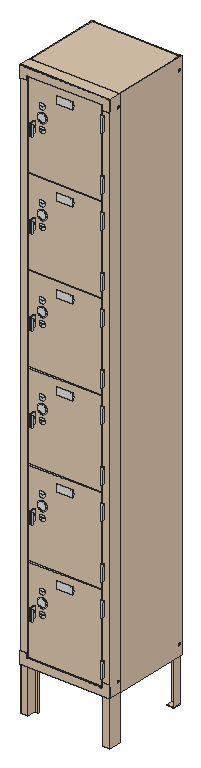
Revit family "Metal_Vented_Lockers-Salsbury_Industries-75000_76000_Series-1_Wide_Units", category Specialty Equipment, Revit 2024
Family settings
  Round Connector Dimension = Use Diameter
  Part Type = Normal
  OmniClass Number = 23.40.00.00
  OmniClass Title = Equipment and Furnishings
  Work Plane-Based = No
  Enable Cutting in Views = No
  Always vertical = Yes
  Cut with Voids When Loaded = No
  Maintain Annotation Orientation = No
  Shared = No
  Room Calculation Point = No
Parameters (values of type "76162 - with Standard 6" High Legs")
  Zee Base Corner - Right Side [instance] = Metal Locker Zee Base Corner : None
  Zee Base Corner - Left Side [instance] = Metal Locker Zee Base Corner : None
  Zee Base - Right Side [instance] = Metal Locker Zee Base-Right Side : None
  Zee Base - Left Side [instance] = Metal Locker Zee Base-Left Side : None
  Zee Base = Metal Locker Zee Base : None
  Width = 12.040"
  Version = "2.0 (01/30/18)"
  Vent Offset = if(Depth = 12.010", 3.250", if(Depth = 15.010", 3.500", if(Depth = 18.010", 3.750", 0.000")))  # 3.250"
  Vent Configuration Height = Vents : 6 foot high vents
  Vent Array Spacing = 1.187"
  Vent Array 2 = if(Depth = 12.010", 5, if(Depth = 15.010", 7, if(Depth = 18.010", 9, 0)))  # 5
  Vent Array 1 = Vent Array 2 + 1  # 6
  Unit Height including Sloping Hood Only [instance] = 78.625"
  Unit Height = 72.000"
  URL = "www.lockers.com"
  Type Comments = "12\" Wide Vented Metal Locker - Box Style Six Tier"
  Total Door(s) Height [instance] = 69.81949"
  Top Door = yes
  Top Compartment Divider = yes
  Test Data = "https://www.lockers.com/videolibrary/"
  Specification = "https://www.lockers.com/architect-resources//"
  Sloping Top In-Line Filler - Right Side [instance] = Metal Locker Sloping Top Filler : None
  Sloping Top In-Line Filler - Left Side [instance] = Metal Locker Sloping Top Filler : None
  Sloping Top Corner Filler - Right Side [instance] = Metal Locker Sloping Corner Filler : None
  Sloping Top Corner Filler - Left Side [instance] = Metal Locker Sloping Corner Filler : None
  Sloping Hood Height = if(Depth = 12.010", 6.625", if(Depth = 15.010", 8.682", if(Depth = 18.010", 10.739", 0.000")))  # 6.625"
  Sloping Hood [instance] = Metal Locker Sloping Hood : None
  Sales Information = "https://www.lockers.com/request_a_quote/"
  Right Side Base [instance] = Metal Locker Right Side Base : None
  Revision = "R1_2018-10"
  Product Data = "https://www.lockers.com/downloads__catalog/"
  Primary Structure Material [instance] = Steel - Salsbury Finish = Tan
  Overall Width including Rivets [instance] = 12.120"
  Unit Height including Base Only [instance] = 78.000"
  Overall Unit Height (including Base and Sloping Hood) [instance] = 84.625"
  OmniClass 23 Title = "Equipment and Furnishings"
  OmniClass 23 Number = "23.40.00.00"
  Model = "76162"
  MasterFormat Title = "Lockers"
  MasterFormat Number = "10 51 13"
  Manufacturer Website = "https://www.lockers.com/"
  Manufacturer Phone - Toll Free = "1-800-562-5377"
  Manufacturer Phone = "(323) 846-6700"
  Manufacturer Fax = "1-800-562-5399"
  Manufacturer Address = "1010 East 62nd Street, Los Angeles, CA 90001-1598"
  Manufacturer = "Salsbury Industries"
  Left Side Base [instance] = Metal Locker Left Side Base : None
  Keynote = "10 51 00"
  Installation-Fabrication = "https://www.lockers.com/downloads__installation_instructions/"
  Individual Door Height = 11.534"
  Hasp Plate Rivet Material = Steel -Salsbury Finish =  Polished Steel
  Hasp Handle Material = Plastic - Salsbury Finish - Black
  Green Building-LEED = "https://www.arcat.com/green/green_building.shtml"
  Front Vertical Filler - Right [instance] = Metal Locker Front Filler : None
  Front Vertical Filler - Left [instance] = Metal Locker Front Filler : None
  Front Base [instance] = Metal Locker Front Base : None
  Flat Top In-Line Filler - Right Side [instance] = Metal Locker Flat Top Filler : None
  Flat Top In-Line Filler - Left Side [instance] = Metal Locker Flat Top Filler : None
  Flat Top Corner Filler - Right Side [instance] = Metal Locker Flat Corner Filler : None
  Flat Top Corner Filler - Left Side [instance] = Metal Locker Flat Corner Filler : None
  Individual Door Width [instance] = 9.90055"
  End Panel - Right Side [instance] = Metal Locker End Panel : None
  End Panel - Left Side [instance] = Metal Locker End Panel : None
  Drawn By = ""
  Door Location D1 = Vented Metal Locker Doors-12 inch with Latch Hasps : Six Tier Door - 6 foot
  Description = "1 Wide - 6 Feet High - 12 Inches Deep"
  Depth = 12.010"
  Default Elevation = 0.000"
  Copyright = ""
  Construction Details = "https://www.lockers.com/downloads__catalog/"
  Compartment Divider Height = Individual Door Height - 0.375"  # 11.159"
  Category = ""
  Building Codes = "https://www.lockers.com/downloads__forms_and_information/"
  Base Height = 6.000"
  Standard Leg Base = Metal Locker Legs : 6" High - 12" W x 12" D
  Assembly Code = "C1030310"
Reference planes (in)
  plane 1 "Center (Front/Back)": y = 0
  plane 2: z = 0
  plane 3 "Center (Left/Right)": x = 0
  plane 4 "Floor": z = 0
  plane 5 "Bottom of Unit": z = 6
  plane 6 "Top of Unit": z = 78
  plane 7 "Left Side of Unit": x = -6.02
  plane 8 "Right Side of Unit": x = 6.02
  plane 9 "Back of Unit": y = 6.005
  plane 10 "Front of Unit": y = -6.005
  plane 11 "Top of Sloping Hood": z = 84.625
  plane 12 "Left Rivet": x = -6.06
  plane 13 "Right Rivet": x = 6.06
  plane 14 "Right Side of Door Opening": x = 5.02
  plane 15 "Left Side of Door Opening": x = -5.02
  plane 16 "Top of Door Opening": z = 77
  plane 17 "Bottom of Door Opening": z = 7
  plane 18 "Back Edge of Front Facing": y = -4.417
  plane 19 "Front Plate Plane": y = -6.065
  plane 20 "Horizontal Center of Top Rivets": z = 76.5
  plane 21 "Horiz Center of Bottom Rivets": z = 7.5
  plane 22 "Vertical Center of Back Rivets": y = 5.505
  plane 23 "Vertical Center of Front Rivets": y = -4.755
  plane 24 "Right Align Top Filler Overlap": x = 5.435
  plane 25 "Left Align Top Filler Overlap": x = -5.435
  plane 26 "Corner Filler Align-Left": x = -6.08
  plane 27 "Corner Filler Align-Right": x = 6.08
  plane 28 "Left Side of Door": x = -4.95029
  plane 29 "Right Side of Door": x = 4.95026
  plane 30 "Top of Door 1": z = 76.90976
  plane 31 "Bottom of Bottom Door": z = 7.09027
  plane 32 "Zee Base Offset": x = -5.669
  plane 33: x = 5.669
  plane 34 "Compartment Align 3": z = 19.159
  plane 35: x = -5.96
  plane 36: x = 5.96
  plane 37: x = -5.635
  plane 38: x = 5.635
  plane 39: y = 5.945
  plane 40: y = 5.895
  plane 41: y = 5.145
  plane 42: x = -5.9
  plane 43: x = 5.9
  plane 44: x = -5.095
  plane 45: x = 5.095
  plane 46: z = 77.94
  plane 47: z = 19.099
  plane 48: z = 18.159
  plane 49: z = 6.9204
  plane 50: z = 6.18539
  plane 51: z = 76.40796
  plane 52: z = 7.59204
  plane 53: z = 18.159
  plane 54: z = 18.62427
  plane 55: z = 18.74976
  plane 56: z = 30.28376
  plane 57: z = 30.40876
  plane 58: z = 29.78327
  plane 59: z = 30.72327
  plane 60 "Compartment Align 2": z = 30.78327
  plane 61: z = 53.72076
  plane 62: z = 41.94276
  plane 63: z = 42.06776
  plane 64: z = 41.44276
  plane 65: z = 42.38276
  plane 66 "Compartment Align 1": z = 42.44276
  plane 67: z = 71.20625
  plane 68: z = 53.60176
  plane 69: z = 53.72676
  plane 70: z = 65.26076
  plane 71: z = 65.38576
  plane 72: z = 53.10176
  plane 73: z = 54.04176
  plane 74: z = 54.10176
  plane 75: z = 64.76076
  plane 76: z = 65.70076
  plane 77: z = 65.76076
  plane 78: z = 82.86525
  plane 79: z = 94.52425
  plane 80 "Front Vent Align": y = -2.755
  plane 81: y = -2.385
  plane 82: y = -1.791
  plane 83 "Top Vent Align": z = 73.562
  plane 84: z = 72.81
  plane 85: z = 71.97
Forms (in)
  Sweep 1, solid, material "Steel - Salsbury Finish = Tan" <- "Primary Structure Material"
    path origin (0, -6.005, 0) x (1, 0, 0) y (0, 0, 1)
      loop
        line (-6.02, 78) -> (-6.02, 6) -> (6.02, 6) -> (6.02, 78) -> (-6.02, 78)
    profile origin (0, -6.005, 78) x (0, 0, 1) y (0, -1, 0)
      loop
        line (0, 0) -> (-1, 0) -> (-1, -1.588) -> (0, -1.588) -> (0, 0)
  Extrusion 2, solid, material "Steel - Salsbury Finish = Tan" <- "Primary Structure Material"
    sketch origin (0, 0, 6) x (0, -1, 0) y (1, 0, 0)
      loop
        line (4.417, 6.02) -> (-6.005, 6.02) -> (-6.005, 5.635) -> (-5.945, 5.635) -> (-5.945, 5.96) -> (4.417, 5.96) -> (4.417, 6.02)
    from 0 to 72
  Extrusion 3, solid, material "Steel - Salsbury Finish = Tan" <- "Primary Structure Material"
    sketch origin (0, 0, 6) x (0, -1, 0) y (1, 0, 0)
      loop
        line (4.417, -6.02) -> (4.417, -5.96) -> (-5.945, -5.96) -> (-5.945, -5.635) -> (-6.005, -5.635) -> (-6.005, -6.02) -> (4.417, -6.02)
    from 0 to 72
  Extrusion 4, solid, material "Steel - Salsbury Finish = Tan" <- "Primary Structure Material"
    sketch origin (0, 0, 6) x (0, -1, 0) y (1, 0, 0)
      loop
        line (-5.945, -5.96) -> (-5.145, -5.96) -> (-5.145, -5.9) -> (-5.895, -5.9) -> (-5.895, 5.9) -> (-5.145, 5.9) -> (-5.145, 5.96) -> (-5.945, 5.96) -> (-5.945, -5.96)
    from 0 to 72
  Sweep 5, solid, material "Steel - Salsbury Finish = Tan" <- "Primary Structure Material"
    path origin (0, 0, 7) x (0, -1, 0) y (1, 0, 0)
      loop
        line (4.417, -5.96) -> (4.417, 5.96) -> (-5.145, 5.96) -> (-5.145, 5.9) -> (-5.895, 5.9) -> (-5.895, -5.9) -> (-5.145, -5.9) -> (-5.145, -5.96) -> (4.417, -5.96)
    profile origin (-5.96, 0.364, 7) x (-1, 0, 0) y (0, 0, 1)
      loop
        line (0, -0.81461) -> (0, -0.0796) -> (-0.06, -0.0796) -> (-0.06, -0.81461) -> (0, -0.81461)
  Extrusion 6, solid, material "Steel - Salsbury Finish = Tan" <- "Primary Structure Material"
    sketch origin (0, 0, 7) x (0, -1, 0) y (1, 0, 0)
      loop
        line (-5.895, -5.9) -> (-5.145, -5.9) -> (-5.145, -5.96) -> (4.417, -5.96) -> (4.417, 5.96) -> (-5.145, 5.96) -> (-5.145, 5.9) -> (-5.895, 5.9) -> (-5.895, -5.9)
    from -0.0796 to 0
  Extrusion 7, solid, material "Steel - Salsbury Finish = Tan" <- "Primary Structure Material"
    sketch origin (0, 0, 78) x (0, -1, 0) y (1, 0, 0)
      loop
        line (-5.895, -5.9) -> (-5.145, -5.9) -> (-5.145, -5.96) -> (4.417, -5.96) -> (4.417, 5.96) -> (-5.145, 5.96) -> (-5.145, 5.9) -> (-5.895, 5.9) -> (-5.895, -5.9)
    from -0.06 to 0
  Extrusion 8, solid, material "Steel - Salsbury Finish = Tan" <- "Primary Structure Material"
    sketch origin (0, -6.065, 0) x (0, 0, -1) y (1, 0, 0)
      loop
        line (-78, -6.02) -> (-76.47656, -6.02)
        arc (-76.47656, -6.02) -> (-76.42806, -5.99991) -> (-76.40796, -5.9514) r 0.0686
        line (-76.40796, -5.9514) -> (-76.40796, -5.16351)
        arc (-76.40796, -5.16351) -> (-76.42809, -5.11506) -> (-76.47656, -5.095) r 0.0686
        line (-76.47656, -5.095) -> (-77, -5.095) -> (-77, 5.095) -> (-76.47656, 5.095)
        arc (-76.47656, 5.095) -> (-76.42809, 5.11506) -> (-76.40796, 5.16351) r 0.0686
        line (-76.40796, 5.16351) -> (-76.40796, 5.9514)
        arc (-76.40796, 5.9514) -> (-76.42806, 5.99991) -> (-76.47656, 6.02) r 0.0686
        line (-76.47656, 6.02) -> (-78, 6.02) -> (-78, -6.02)
    from -0.06 to 0
  Extrusion 9, solid, material "Steel - Salsbury Finish = Tan" <- "Primary Structure Material"
    sketch origin (0, -6.065, 84) x (0, 0, 1) y (-1, 0, 0)
      loop
        line (-78, 6.02) -> (-78, -6.02) -> (-76.47656, -6.02)
        arc (-76.47656, -6.02) -> (-76.42806, -5.99991) -> (-76.40796, -5.9514) r 0.0686
        line (-76.40796, -5.9514) -> (-76.40796, -5.16351)
        arc (-76.40796, -5.16351) -> (-76.42809, -5.11506) -> (-76.47656, -5.095) r 0.0686
        line (-76.47656, -5.095) -> (-77, -5.095) -> (-77, 5.095) -> (-76.47656, 5.095)
        arc (-76.47656, 5.095) -> (-76.42809, 5.11506) -> (-76.40796, 5.16351) r 0.0686
        line (-76.40796, 5.16351) -> (-76.40796, 5.9514)
        arc (-76.40796, 5.9514) -> (-76.42806, 5.99991) -> (-76.47656, 6.02) r 0.0686
        line (-76.47656, 6.02) -> (-78, 6.02)
    from -0.06 to 0
  Blend 10, solid, material "Steel -Salsbury Finish =  Polished Steel" <- "Hasp Plate Rivet Material"
    base sketch origin (6.02, 0, 0) x (0, 0, -1) y (0, -1, 0)
      loop
        circle (-76.5, 4.755) r 0.187
    top sketch origin (6.02, 0, 0) x (0, 0, -1) y (0, -1, 0)
      loop
        circle (-76.5, 4.755) r 0.05319
    from 0 to -0.04
  Blend 11, solid, material "Steel -Salsbury Finish =  Polished Steel" <- "Hasp Plate Rivet Material"
    base sketch origin (6.02, 0, -69) x (0, 0, -1) y (0, -1, 0)
      loop
        circle (-76.5, 4.755) r 0.187
    top sketch origin (6.02, 0, -69) x (0, 0, -1) y (0, -1, 0)
      loop
        circle (-76.5, 4.755) r 0.05319
    from 0 to -0.04
  Blend 12, solid, material "Steel -Salsbury Finish =  Polished Steel" <- "Hasp Plate Rivet Material"
    base sketch origin (6.02, 10.26, -69) x (0, 0, -1) y (0, -1, 0)
      loop
        circle (-76.5, 4.755) r 0.187
    top sketch origin (6.02, 10.26, -69) x (0, 0, -1) y (0, -1, 0)
      loop
        circle (-76.5, 4.755) r 0.05319
    from 0 to -0.04
  Blend 13, solid, material "Steel -Salsbury Finish =  Polished Steel" <- "Hasp Plate Rivet Material"
    base sketch origin (6.02, 10.26, 0.0043) x (0, 0, -1) y (0, -1, 0)
      loop
        circle (-76.5, 4.755) r 0.187
    top sketch origin (6.02, 10.26, 0.0043) x (0, 0, -1) y (0, -1, 0)
      loop
        circle (-76.5, 4.755) r 0.05319
    from 0 to -0.04
  Blend 14, solid, material "Steel -Salsbury Finish =  Polished Steel" <- "Hasp Plate Rivet Material"
    base sketch origin (-6.02, 0, -69) x (0, 0, -1) y (0, 1, 0)
      loop
        circle (-76.5, -4.755) r 0.187
    top sketch origin (-6.02, 0, -69) x (0, 0, -1) y (0, 1, 0)
      loop
        circle (-76.5, -4.755) r 0.05319
    from 0 to -0.04
  Blend 15, solid, material "Steel -Salsbury Finish =  Polished Steel" <- "Hasp Plate Rivet Material"
    base sketch origin (-6.02, 10.26, -69) x (0, 0, -1) y (0, 1, 0)
      loop
        circle (-76.5, -4.755) r 0.187
    top sketch origin (-6.02, 10.26, -69) x (0, 0, -1) y (0, 1, 0)
      loop
        circle (-76.5, -4.755) r 0.05319
    from 0 to -0.04
  Blend 16, solid, material "Steel -Salsbury Finish =  Polished Steel" <- "Hasp Plate Rivet Material"
    base sketch origin (-6.02, 0, 0) x (0, 0, -1) y (0, 1, 0)
      loop
        circle (-76.5, -4.755) r 0.187
    top sketch origin (-6.02, 0, 0) x (0, 0, -1) y (0, 1, 0)
      loop
        circle (-76.5, -4.755) r 0.05319
    from 0 to -0.04
  Blend 17, solid, material "Steel -Salsbury Finish =  Polished Steel" <- "Hasp Plate Rivet Material"
    base sketch origin (-6.02, 10.26, 0.00039) x (0, 0, -1) y (0, 1, 0)
      loop
        circle (-76.5, -4.755) r 0.187
    top sketch origin (-6.02, 10.26, 0.00039) x (0, 0, -1) y (0, 1, 0)
      loop
        circle (-76.5, -4.755) r 0.05319
    from 0 to -0.04
  Extrusion 18, solid, material "Steel - Salsbury Finish = Tan" <- "Primary Structure Material"
    sketch origin (0, 0, 19.159) x (0, -1, 0) y (1, 0, 0)
      loop
        line (-5.895, -5.9) -> (-5.145, -5.9) -> (-5.145, -5.96) -> (4.417, -5.96) -> (4.417, 5.96) -> (-5.145, 5.96) -> (-5.145, 5.9) -> (-5.895, 5.9) -> (-5.895, -5.9)
    from -0.06 to 0
  Sweep 19, solid, material "Steel - Salsbury Finish = Tan" <- "Primary Structure Material"
    path origin (0, 0, 19.159) x (0, -1, 0) y (1, 0, 0)
      loop
        line (4.417, -5.96) -> (4.417, 5.96) -> (-5.145, 5.96) -> (-5.145, 5.9) -> (-5.895, 5.9) -> (-5.895, -5.9) -> (-5.145, -5.9) -> (-5.145, -5.96) -> (4.417, -5.96)
    profile origin (-5.96, 0.364, 19.159) x (-1, 0, 0) y (0, 0, 1)
      loop
        line (0, -1) -> (0, -0.06) -> (-0.06, -0.06) -> (-0.06, -1) -> (0, -1)
  Extrusion 20, solid, material "Steel - Salsbury Finish = Tan" <- "Primary Structure Material"
    sketch origin (0, 0, 54.72076) x (0, -1, 0) y (1, 0, 0)
      loop
        line (-5.895, -5.9) -> (-5.145, -5.9) -> (-5.145, -5.96) -> (4.417, -5.96) -> (4.417, 5.96) -> (-5.145, 5.96) -> (-5.145, 5.9) -> (-5.895, 5.9) -> (-5.895, -5.9)
    from -23.99749 to -23.93749
  Sweep 21, solid, material "Steel - Salsbury Finish = Tan" <- "Primary Structure Material"
    path origin (0, 0, 30.78327) x (0, -1, 0) y (1, 0, 0)
      loop
        line (4.417, -5.96) -> (4.417, 5.96) -> (-5.145, 5.96) -> (-5.145, 5.9) -> (-5.895, 5.9) -> (-5.895, -5.9) -> (-5.145, -5.9) -> (-5.145, -5.96) -> (4.417, -5.96)
    profile origin (-5.96, 0.364, 30.78327) x (-1, 0, 0) y (0, 0, 1)
      loop
        line (0, -1) -> (0, -0.06) -> (-0.06, -0.06) -> (-0.06, -1) -> (0, -1)
  Extrusion 22, solid, material "Steel - Salsbury Finish = Tan" <- "Primary Structure Material"
    sketch origin (0, 0, 42.44276) x (0, -1, 0) y (1, 0, 0)
      loop
        line (-5.895, -5.9) -> (-5.145, -5.9) -> (-5.145, -5.96) -> (4.417, -5.96) -> (4.417, 5.96) -> (-5.145, 5.96) -> (-5.145, 5.9) -> (-5.895, 5.9) -> (-5.895, -5.9)
    from -0.06 to 0
  Sweep 23, solid, material "Steel - Salsbury Finish = Tan" <- "Primary Structure Material"
    path origin (0, 0, 42.44276) x (0, -1, 0) y (1, 0, 0)
      loop
        line (4.417, -5.96) -> (4.417, 5.96) -> (-5.145, 5.96) -> (-5.145, 5.9) -> (-5.895, 5.9) -> (-5.895, -5.9) -> (-5.145, -5.9) -> (-5.145, -5.96) -> (4.417, -5.96)
    profile origin (-5.96, 0.364, 42.44276) x (-1, 0, 0) y (0, 0, 1)
      loop
        line (0, -1) -> (0, -0.06) -> (-0.06, -0.06) -> (-0.06, -1) -> (0, -1)
  Extrusion 24, solid, material "Steel - Salsbury Finish = Tan" <- "Primary Structure Material"
    sketch origin (0, 0, 54.10176) x (0, -1, 0) y (1, 0, 0)
      loop
        line (-5.895, -5.9) -> (-5.145, -5.9) -> (-5.145, -5.96) -> (4.417, -5.96) -> (4.417, 5.96) -> (-5.145, 5.96) -> (-5.145, 5.9) -> (-5.895, 5.9) -> (-5.895, -5.9)
    from -0.06 to 0
  Sweep 25, solid, material "Steel - Salsbury Finish = Tan" <- "Primary Structure Material"
    path origin (0, 0, 54.10176) x (0, -1, 0) y (1, 0, 0)
      loop
        line (4.417, -5.96) -> (4.417, 5.96) -> (-5.145, 5.96) -> (-5.145, 5.9) -> (-5.895, 5.9) -> (-5.895, -5.9) -> (-5.145, -5.9) -> (-5.145, -5.96) -> (4.417, -5.96)
    profile origin (-5.96, 0.364, 54.10176) x (-1, 0, 0) y (0, 0, 1)
      loop
        line (0, -1) -> (0, -0.06) -> (-0.06, -0.06) -> (-0.06, -1) -> (0, -1)
  Extrusion 26, solid, material "Steel - Salsbury Finish = Tan" <- "Primary Structure Material", visible <- "Top Compartment Divider"
    sketch origin (0, 0, 65.76076) x (0, -1, 0) y (1, 0, 0)
      loop
        line (-5.895, -5.9) -> (-5.145, -5.9) -> (-5.145, -5.96) -> (4.417, -5.96) -> (4.417, 5.96) -> (-5.145, 5.96) -> (-5.145, 5.9) -> (-5.895, 5.9) -> (-5.895, -5.9)
    from -0.06 to 0
  Sweep 27, solid, material "Steel - Salsbury Finish = Tan" <- "Primary Structure Material", visible <- "Top Compartment Divider"
    path origin (0, 0, 65.76076) x (0, -1, 0) y (1, 0, 0)
      loop
        line (4.417, -5.96) -> (4.417, 5.96) -> (-5.145, 5.96) -> (-5.145, 5.9) -> (-5.895, 5.9) -> (-5.895, -5.9) -> (-5.145, -5.9) -> (-5.145, -5.96) -> (4.417, -5.96)
    profile origin (-5.96, 0.364, 65.76076) x (-1, 0, 0) y (0, 0, 1)
      loop
        line (0, -1) -> (0, -0.06) -> (-0.06, -0.06) -> (-0.06, -1) -> (0, -1)
Lines and regions (in)
  reference lines
    curve 1: line (-29.59242, -6.065, 78) -> (36.15758, -6.065, 78)
  symbolic lines
    curve 2: line (-6.02, 6.005, 78) -> (6.02, 6.005, 78)
    curve 3: line (-6.02, -6.065, 78) -> (-6.02, 6.005, 78)
    curve 4: line (6.02, -6.065, 78) -> (-6.02, -6.065, 78)
    curve 5: line (6.02, 6.005, 78) -> (6.02, -6.065, 78)
    curve 6: line (-6.06, -4.80819, 78) -> (-6.02, -4.91809, 78)
    curve 7: line (-6.02, -4.58043, 78) -> (-6.06, -4.70181, 78)
    curve 8: line (-6.06, -4.80819, 78) -> (-6.06, -4.70181, 78)
    curve 9: line (-6.06, 5.45181, 78) -> (-6.02, 5.31077, 78)
    curve 10: line (-6.06, 5.55819, 78) -> (-6.02, 5.68474, 78)
    curve 11: line (-6.06, 5.55819, 78) -> (-6.06, 5.45181, 78)
    curve 12: line (6.06, 5.55819, 78) -> (6.02, 5.70747, 78)
    curve 13: line (6.06, 5.45181, 78) -> (6.02, 5.3179, 78)
    curve 14: line (6.06, 5.55819, 78) -> (6.06, 5.45181, 78)
    curve 15: line (6.06, -4.70181, 78) -> (6.02, -4.57098, 78)
    curve 16: line (6.06, -4.80819, 78) -> (6.02, -4.94769, 78)
    curve 17: line (6.06, -4.70181, 78) -> (6.06, -4.80819, 78)
Dimensions and locks (in)
  equal spacing: plane 7 "Left Side of Unit", plane 3 "Center (Left/Right)", plane 8 "Right Side of Unit"
  "Width": plane 7 "Left Side of Unit" to plane 8 "Right Side of Unit"
  "Base Height": plane 5 "Bottom of Unit" to plane 4 "Floor"
  "Unit Height": plane 6 "Top of Unit" to plane 5 "Bottom of Unit"
  "Unit Height including Base Only": plane 6 "Top of Unit" to plane 4 "Floor"
  equal spacing: plane 10 "Front of Unit", plane 1 "Center (Front/Back)", plane 9 "Back of Unit"
  "Depth": plane 10 "Front of Unit" to plane 9 "Back of Unit"
  "Sloping Hood Height": plane 11 "Top of Sloping Hood" to plane 6 "Top of Unit"
  "Overall Unit Height (including Base and Sloping Hood)": plane 11 "Top of Sloping Hood" to plane 4 "Floor"
  locked: plane 12 "Left Rivet" to plane 7 "Left Side of Unit" at 0.04
  locked: plane 8 "Right Side of Unit" to plane 13 "Right Rivet" at 0.04
  "Overall Width including Rivets": plane 12 "Left Rivet" to plane 13 "Right Rivet"
  plane 6 "Top of Unit" to plane 16 "Top of Door Opening" to plane 30 "Top of Door 1" to plane 51 = 1.000" locked, 0.09024", 0.5018"
  plane 52 to plane 31 "Bottom of Bottom Door" to plane 17 "Bottom of Door Opening" to plane 5 "Bottom of Unit" = 0.50177", 0.09027", 1.000" locked
  plane 7 "Left Side of Unit" to plane 15 "Left Side of Door Opening" to plane 28 "Left Side of Door" = 1.000" locked, 0.06971"
  plane 29 "Right Side of Door" to plane 14 "Right Side of Door Opening" to plane 8 "Right Side of Unit" = 0.06974", 1.000" locked
  plane 19 "Front Plate Plane" to plane 10 "Front of Unit" to plane 18 "Back Edge of Front Facing" = 0.060" locked, 1.588" locked
  "Unit Height including Sloping Hood Only": plane 11 "Top of Sloping Hood" to plane 5 "Bottom of Unit"
  locked: plane 20 "Horizontal Center of Top Rivets" to plane 6 "Top of Unit" at 1.5
  locked: plane 5 "Bottom of Unit" to plane 21 "Horiz Center of Bottom Rivets" at 1.5
  locked: plane 22 "Vertical Center of Back Rivets" to plane 9 "Back of Unit" at 0.5
  locked: plane 10 "Front of Unit" to plane 23 "Vertical Center of Front Rivets" at 1.25
  locked: plane 24 "Right Align Top Filler Overlap" to plane 13 "Right Rivet" at 0.625
  locked: plane 12 "Left Rivet" to plane 25 "Left Align Top Filler Overlap" at 0.625
  locked: plane 8 "Right Side of Unit" to plane 27 "Corner Filler Align-Right" at 0.06
  locked: plane 26 "Corner Filler Align-Left" to plane 7 "Left Side of Unit" at 0.06
  "Individual Door Width": plane 28 "Left Side of Door" to plane 29 "Right Side of Door"
  "Total Door(s) Height": plane 30 "Top of Door 1" to plane 31 "Bottom of Bottom Door"
  plane 7 "Left Side of Unit" to plane 32 "Zee Base Offset" = 0.351"
  plane 33 to plane 8 "Right Side of Unit" = 0.351"
  plane 34 "Compartment Align 3" to plane 47 to plane 53 = 0.060" locked, 0.940" locked
  plane 7 "Left Side of Unit" to plane 35 to plane 42 to plane 37 = 0.060" locked, 0.060" locked, 0.265" locked
  plane 38 to plane 43 to plane 36 to plane 8 "Right Side of Unit" = 0.265" locked, 0.060", 0.060"
  plane 41 to plane 40 to plane 39 to plane 9 "Back of Unit" = 0.750" locked, 0.050", 0.060"
  locked: plane 7 "Left Side of Unit" to plane 44 at 0.925
  locked: plane 45 to plane 8 "Right Side of Unit" at 0.925
  locked: plane 6 "Top of Unit" to plane 46 at 0.06
  plane 47 to plane 48 = 0.940"
  locked: plane 17 "Bottom of Door Opening" to plane 49 at 0.0796
  plane 49 to plane 50 = 0.73501"
  "Compartment Divider Height": plane 53 to plane 17 "Bottom of Door Opening"
  "Individual Door Height": plane 54 to plane 31 "Bottom of Bottom Door"
  locked: plane 55 to plane 54 at 0.12549
  locked: plane 57 to plane 56 at 0.125
  "Individual Door Height": plane 56 to plane 55
  plane 60 "Compartment Align 2" to plane 59 to plane 58 = 0.060" locked, 0.940" locked
  locked: plane 63 to plane 62 at 0.125
  "Individual Door Height": plane 62 to plane 57
  "Compartment Divider Height": plane 58 to plane 54
  "Compartment Divider Height": plane 64 to plane 56
  plane 66 "Compartment Align 1" to plane 65 to plane 64 = 0.060", 0.940"
  locked: plane 69 to plane 68 at 0.125
  locked: plane 71 to plane 70 at 0.125
  "Individual Door Height": plane 68 to plane 63
  "Individual Door Height": plane 70 to plane 69
  "Compartment Divider Height": plane 72 to plane 62
  "Compartment Divider Height": plane 75 to plane 68
  plane 74 to plane 73 to plane 72 = 0.060" locked, 0.940" locked
  plane 77 to plane 76 to plane 75 = 0.060" locked, 0.940" locked
  "Vent Offset": plane 10 "Front of Unit" to plane 80 "Front Vent Align"
  plane 83 "Top Vent Align" to plane 6 "Top of Unit" = 4.438"
  plane 85 to plane 84 to plane 83 "Top Vent Align" = 0.840", 0.752"
  plane 80 "Front Vent Align" to plane 81 to plane 82 = 0.370" locked, 0.594" locked
  equal spacing: group 1, group 2, group 3, group 4, group 5, group 6  (x3)
  equal spacing: group 7, group 8, group 9, group 10, group 11  (x3)
  "Vent Array Spacing": nested 29 to nested 31
  "Vent Array Spacing": nested 30 to nested 36
  equal spacing: group 12, group 13, group 14, group 15, group 16, group 22  (x3)
  equal spacing: group 17, group 18, group 19, group 20, group 21  (x3)
  "Vent Array Spacing": nested 42 to nested 40
  "Vent Array Spacing": nested 46 to nested 41
  aligned and locked: level to plane 2
  aligned and locked: Extrusion 2 to plane 6 "Top of Unit"
  aligned and locked: Extrusion 3 to plane 6 "Top of Unit"
  aligned and locked: Extrusion 4 to plane 6 "Top of Unit"
  aligned and locked: Extrusion 8 to plane 10 "Front of Unit"
  aligned and locked: Extrusion 9 to plane 10 "Front of Unit"
  aligned and locked: Extrusion 6 to plane 17 "Bottom of Door Opening"
  aligned and locked: plane 4 "Floor" to nested 2
  aligned and locked: plane 5 "Bottom of Unit" to Extrusion 9
  aligned and locked: plane 8 "Right Side of Unit" to nested 6
  aligned and locked: plane 7 "Left Side of Unit" to nested 7
  aligned and locked: Blend 10 to plane 13 "Right Rivet"
  aligned and locked: plane 8 "Right Side of Unit" to Blend 10
  aligned and locked: Blend 15 to plane 7 "Left Side of Unit"
  aligned and locked: Blend 14 to plane 7 "Left Side of Unit"  (x2)
  aligned and locked: plane 12 "Left Rivet" to Blend 14
  aligned and locked: plane 12 "Left Rivet" to Blend 15
  aligned and locked: Blend 14 to plane 12 "Left Rivet"
  aligned and locked: Blend 17 to plane 7 "Left Side of Unit"
  aligned and locked: plane 12 "Left Rivet" to Blend 17
  aligned and locked: Blend 16 to plane 7 "Left Side of Unit"
  aligned and locked: plane 12 "Left Rivet" to Blend 16
  aligned and locked: plane 5 "Bottom of Unit" to nested 10
  aligned and locked: plane 13 "Right Rivet" to nested 10
  aligned and locked: plane 12 "Left Rivet" to nested 11
  aligned and locked: nested 11 to plane 10 "Front of Unit"
  aligned and locked: plane 13 "Right Rivet" to nested 12
  aligned and locked: plane 10 "Front of Unit" to nested 12
  aligned and locked: plane 6 "Top of Unit" to nested 12
  aligned and locked: plane 12 "Left Rivet" to nested 13
  aligned and locked: plane 10 "Front of Unit" to nested 13
  aligned and locked: plane 6 "Top of Unit" to nested 13
  aligned and locked: plane 6 "Top of Unit" to nested 14
  aligned and locked: nested 14 to plane 19 "Front Plate Plane"
  aligned and locked: nested 14 to plane 24 "Right Align Top Filler Overlap"
  aligned and locked: nested 15 to plane 25 "Left Align Top Filler Overlap"
  aligned and locked: nested 15 to plane 19 "Front Plate Plane"
  aligned and locked: nested 10 to nested 15
  aligned and locked: plane 19 "Front Plate Plane" to nested 16
  aligned and locked: plane 6 "Top of Unit" to nested 16
  aligned and locked: nested 17 to plane 6 "Top of Unit"
  aligned and locked: nested 17 to plane 19 "Front Plate Plane"
  aligned and locked: plane 19 "Front Plate Plane" to nested 18
  aligned and locked: nested 19 to plane 24 "Right Align Top Filler Overlap"
  aligned and locked: nested 19 to plane 19 "Front Plate Plane"
  aligned and locked: plane 16 "Top of Door Opening" to nested 19
  aligned and locked: nested 20 to plane 16 "Top of Door Opening"
  aligned and locked: nested 20 to plane 25 "Left Align Top Filler Overlap"
  aligned and locked: nested 20 to plane 19 "Front Plate Plane"
  aligned and locked: nested 11 to plane 6 "Top of Unit"
  aligned and locked: plane 10 "Front of Unit" to nested 10
  aligned and locked: plane 10 "Front of Unit" to nested 23
  aligned and locked: plane 10 "Front of Unit" to nested 1
  aligned and locked: plane 10 "Front of Unit" to nested 2
  aligned and locked: plane 6 "Top of Unit" to nested 18
  aligned and locked: plane 7 "Left Side of Unit" to nested 17
  aligned and locked: plane 32 "Zee Base Offset" to nested 9
  aligned and locked: plane 18 "Back Edge of Front Facing" to nested 9
  aligned and locked: nested 8 to plane 18 "Back Edge of Front Facing"
  aligned and locked: plane 33 to nested 8
  aligned and locked: plane 8 "Right Side of Unit" to nested 21
  aligned and locked: nested 22 to plane 7 "Left Side of Unit"
  aligned and locked: nested 22 to curve 1
  aligned and locked: nested 21 to curve 1
  aligned and locked: Sweep 19 sketch curve to Extrusion 18
  aligned and locked: plane 7 "Left Side of Unit" to Extrusion 3
  aligned and locked: Extrusion 3 to plane 9 "Back of Unit"
  aligned and locked: Extrusion 2 to plane 8 "Right Side of Unit"
  aligned and locked: Extrusion 2 to plane 9 "Back of Unit"
  aligned and locked: plane 18 "Back Edge of Front Facing" to Extrusion 3
  aligned and locked: plane 18 "Back Edge of Front Facing" to Extrusion 2
  aligned and locked: plane 35 to Extrusion 3
  aligned and locked: plane 36 to Extrusion 2
  aligned and locked: plane 37 to Extrusion 3
  aligned and locked: plane 38 to Extrusion 2
  aligned and locked: plane 39 to Extrusion 3
  aligned and locked: plane 39 to Extrusion 2
  aligned and locked: Extrusion 4 to plane 39
  aligned and locked: plane 40 to Extrusion 4
  aligned and locked: plane 35 to Extrusion 4
  aligned and locked: plane 41 to Extrusion 4  (x2)
  aligned and locked: plane 42 to Extrusion 4
  aligned and locked: plane 43 to Extrusion 4
  aligned and locked: Extrusion 7 to plane 40
  aligned and locked: plane 42 to Extrusion 7
  aligned and locked: plane 35 to Extrusion 7  (x2)
  aligned and locked: Extrusion 7 to plane 41  (x2)
  aligned and locked: Extrusion 7 to plane 43
  aligned and locked: Extrusion 7 to plane 36  (x2)
  aligned and locked: plane 18 "Back Edge of Front Facing" to Extrusion 7
  aligned and locked: plane 18 "Back Edge of Front Facing" to Extrusion 6
  aligned and locked: Extrusion 6 to plane 40
  aligned and locked: Extrusion 6 to plane 43
  aligned and locked: Extrusion 6 to plane 41  (x2)
  aligned and locked: Extrusion 6 to plane 36
  aligned and locked: plane 42 to Extrusion 6
  aligned and locked: plane 35 to Extrusion 6
  aligned and locked: Sweep 5 to plane 40
  aligned and locked: Sweep 5 to plane 41  (x2)
  aligned and locked: Sweep 5 to plane 43
  aligned and locked: Sweep 5 to plane 36
  aligned and locked: plane 18 "Back Edge of Front Facing" to Sweep 5
  aligned and locked: plane 35 to Sweep 5
  aligned and locked: plane 42 to Sweep 5
  aligned and locked: Sweep 5 sketch curve to plane 42
  aligned and locked: plane 40 to Sweep 5 sketch curve
  aligned and locked: plane 41 to Sweep 5 sketch curve  (x2)
  aligned and locked: Sweep 5 sketch curve to plane 35  (x2)
  aligned and locked: plane 43 to Sweep 5 sketch curve
  aligned and locked: plane 36 to Sweep 5 sketch curve
  aligned and locked: Sweep 5 sketch curve to plane 18 "Back Edge of Front Facing"
  aligned and locked: Extrusion 18 to plane 40
  aligned and locked: Extrusion 18 to plane 43
  aligned and locked: Extrusion 18 to plane 41  (x2)
  aligned and locked: Extrusion 18 to plane 36
  aligned and locked: plane 18 "Back Edge of Front Facing" to Extrusion 18
  aligned and locked: plane 35 to Extrusion 18
  aligned and locked: plane 42 to Extrusion 18
  aligned and locked: plane 40 to Sweep 19 sketch curve
  aligned and locked: plane 43 to Sweep 19 sketch curve
  aligned and locked: plane 41 to Sweep 19 sketch curve  (x2)
  aligned and locked: plane 36 to Sweep 19 sketch curve
  aligned and locked: Sweep 19 sketch curve to plane 18 "Back Edge of Front Facing"
  aligned and locked: Sweep 19 sketch curve to plane 35  (x2)
  aligned and locked: Sweep 19 sketch curve to plane 42
  aligned and locked: plane 6 "Top of Unit" to Sweep 1 sketch curve  (x2)
  aligned and locked: Sweep 1 sketch curve to plane 7 "Left Side of Unit"
  aligned and locked: plane 8 "Right Side of Unit" to Sweep 1 sketch curve
  aligned and locked: Sweep 1 sketch curve to plane 5 "Bottom of Unit"
  aligned and locked: plane 10 "Front of Unit" to Sweep 1
  aligned and locked: Extrusion 8 to plane 19 "Front Plate Plane"
  aligned and locked: plane 10 "Front of Unit" to Extrusion 8
  aligned and locked: Extrusion 8 to plane 8 "Right Side of Unit"
  aligned and locked: plane 7 "Left Side of Unit" to Extrusion 8
  aligned and locked: plane 7 "Left Side of Unit" to Extrusion 9
  aligned and locked: plane 19 "Front Plate Plane" to Extrusion 9
  aligned and locked: Extrusion 9 to plane 8 "Right Side of Unit"
  aligned and locked: plane 44 to Extrusion 9
  aligned and locked: plane 45 to Extrusion 9
  aligned and locked: plane 45 to Extrusion 8
  aligned and locked: Extrusion 8 to plane 44
  aligned and locked: plane 29 "Right Side of Door" to nested 23
  aligned and locked: plane 18 "Back Edge of Front Facing" to Sweep 1 sketch curve
  aligned and locked: Sweep 1 sketch curve to plane 16 "Top of Door Opening"
  aligned and locked: Sweep 1 sketch curve to plane 10 "Front of Unit"
  aligned and locked: plane 5 "Bottom of Unit" to Extrusion 4
  aligned and locked: Extrusion 4 to plane 36
  aligned and locked: plane 5 "Bottom of Unit" to Extrusion 3
  aligned and locked: plane 5 "Bottom of Unit" to Extrusion 2
  aligned and locked: Extrusion 7 to plane 6 "Top of Unit"
  aligned and locked: plane 46 to Extrusion 7
  aligned and locked: Extrusion 18 to plane 34 "Compartment Align 3"
  aligned and locked: plane 47 to Extrusion 18
  aligned and locked: plane 42 to Sweep 19 sketch curve
  aligned and locked: plane 48 to Sweep 19 sketch curve
  aligned and locked: plane 49 to Extrusion 6
  aligned and locked: Sweep 5 to plane 49
  aligned and locked: plane 50 to Sweep 5 sketch curve
  aligned and locked: plane 49 to Sweep 5 sketch curve
  aligned and locked: plane 42 to Sweep 5 sketch curve
  aligned and locked: plane 51 to Extrusion 8  (x2)
  aligned and locked: Extrusion 8 to plane 6 "Top of Unit"
  aligned and locked: plane 16 "Top of Door Opening" to Extrusion 8
  aligned and locked: Extrusion 9 to plane 17 "Bottom of Door Opening"
  aligned and locked: plane 52 to Extrusion 9
  aligned and locked: Extrusion 9 to plane 52
  aligned and locked: plane 4 "Floor" to nested 1
  aligned and locked: plane 8 "Right Side of Unit" to nested 1
  aligned and locked: Blend 12 to plane 13 "Right Rivet"
  aligned and locked: plane 8 "Right Side of Unit" to Blend 12
  aligned and locked: plane 8 "Right Side of Unit" to Blend 13
  aligned and locked: Blend 13 to plane 13 "Right Rivet"
  aligned and locked: plane 8 "Right Side of Unit" to Blend 11
  aligned and locked: Blend 11 to plane 13 "Right Rivet"
  aligned and locked: nested 22 to curve 3
  aligned and locked: curve 4 to Extrusion 8
  aligned and locked: curve 5 to Extrusion 8
  aligned and locked: curve 8 to Blend 14
  aligned and locked: curve 11 to Blend 15
  aligned and locked: curve 14 to Blend 12
  aligned and locked: curve 17 to Blend 10
  aligned and locked: plane 53 to Sweep 19
  aligned and locked: nested 23 to plane 31 "Bottom of Bottom Door"
  aligned and locked: plane 55 to nested 24
  aligned and locked: plane 10 "Front of Unit" to nested 24
  aligned and locked: plane 29 "Right Side of Door" to nested 24
  aligned and locked: plane 29 "Right Side of Door" to nested 25
  aligned and locked: nested 25 to plane 57
  aligned and locked: Sweep 21 sketch curve to Extrusion 20
  aligned and locked: Extrusion 20 to plane 60 "Compartment Align 2"
  aligned and locked: plane 59 to Sweep 21
  aligned and locked: Sweep 21 sketch curve to plane 58
  aligned and locked: Extrusion 20 sketch curve to plane 40
  aligned and locked: plane 35 to Extrusion 20 sketch curve
  aligned and locked: plane 42 to Extrusion 20 sketch curve
  aligned and locked: Extrusion 20 sketch curve to plane 41  (x2)
  aligned and locked: plane 18 "Back Edge of Front Facing" to Extrusion 20 sketch curve
  aligned and locked: Extrusion 20 sketch curve to plane 36
  aligned and locked: Extrusion 20 sketch curve to plane 43
  aligned and locked: plane 40 to Sweep 21 sketch curve
  aligned and locked: Sweep 21 sketch curve to plane 42
  aligned and locked: Sweep 21 sketch curve to plane 35
  aligned and locked: plane 41 to Sweep 21 sketch curve  (x2)
  aligned and locked: Sweep 21 sketch curve to plane 18 "Back Edge of Front Facing"
  aligned and locked: plane 36 to Sweep 21 sketch curve
  aligned and locked: plane 43 to Sweep 21 sketch curve
  aligned and locked: plane 63 to nested 26
  aligned and locked: plane 65 to Extrusion 22
  aligned and locked: Extrusion 22 to plane 66 "Compartment Align 1"
  aligned and locked: Sweep 23 sketch curve to plane 64
  aligned and locked: plane 65 to Sweep 23 sketch curve
  aligned and locked: Sweep 23 sketch curve to plane 35
  aligned and locked: plane 41 to Sweep 23 sketch curve  (x2)
  aligned and locked: Sweep 23 sketch curve to plane 42
  aligned and locked: plane 40 to Sweep 23 sketch curve
  aligned and locked: plane 43 to Sweep 23 sketch curve
  aligned and locked: plane 36 to Sweep 23 sketch curve
  aligned and locked: Sweep 23 sketch curve to plane 18 "Back Edge of Front Facing"
  aligned and locked: Extrusion 22 to nested 5  (x3)
  aligned and locked: Extrusion 22 to plane 41  (x2)
  aligned and locked: Extrusion 22 to Sweep 23  (x2)
  aligned and locked: plane 18 "Back Edge of Front Facing" to Extrusion 22
  aligned and locked: plane 29 "Right Side of Door" to nested 26
  aligned and locked: plane 10 "Front of Unit" to nested 26
  aligned and locked: plane 10 "Front of Unit" to nested 25
  aligned and locked: nested 27 to plane 69
  aligned and locked: nested 28 to plane 71
  aligned and locked: plane 29 "Right Side of Door" to nested 27
  aligned and locked: plane 29 "Right Side of Door" to nested 28
  aligned and locked: plane 10 "Front of Unit" to nested 28
  aligned and locked: plane 10 "Front of Unit" to nested 27
  aligned and locked: Extrusion 24 to Sweep 25  (x2)
  aligned and locked: Extrusion 26 to Sweep 27  (x3)
  aligned and locked: Extrusion 24 to plane 74
  aligned and locked: plane 73 to Extrusion 24
  aligned and locked: Extrusion 26 to plane 77
  aligned and locked: plane 76 to Extrusion 26
  aligned and locked: plane 76 to Sweep 27 sketch curve
  aligned and locked: Sweep 27 sketch curve to plane 75
  aligned and locked: plane 73 to Sweep 25 sketch curve
  aligned and locked: Sweep 25 sketch curve to plane 72
  aligned and locked: Extrusion 24 sketch curve to plane 40
  aligned and locked: plane 42 to Extrusion 24 sketch curve
  aligned and locked: Extrusion 24 sketch curve to plane 41  (x2)
  aligned and locked: plane 35 to Extrusion 24 sketch curve
  aligned and locked: plane 18 "Back Edge of Front Facing" to Extrusion 24 sketch curve
  aligned and locked: Extrusion 24 sketch curve to plane 36
  aligned and locked: Extrusion 24 sketch curve to plane 43
  aligned and locked: plane 40 to Sweep 25 sketch curve
  aligned and locked: Sweep 25 sketch curve to plane 35
  aligned and locked: plane 41 to Sweep 25 sketch curve  (x2)
  aligned and locked: Sweep 25 sketch curve to plane 42
  aligned and locked: Sweep 25 sketch curve to plane 18 "Back Edge of Front Facing"
  aligned and locked: plane 36 to Sweep 25 sketch curve
  aligned and locked: plane 43 to Sweep 25 sketch curve
  aligned and locked: Extrusion 26 sketch curve to plane 40
  aligned and locked: plane 42 to Extrusion 26 sketch curve
  aligned and locked: Extrusion 26 sketch curve to plane 41  (x2)
  aligned and locked: plane 35 to Extrusion 26 sketch curve
  aligned and locked: plane 18 "Back Edge of Front Facing" to Extrusion 26 sketch curve
  aligned and locked: Extrusion 26 sketch curve to plane 36
  aligned and locked: Extrusion 26 sketch curve to plane 43
  aligned and locked: plane 40 to Sweep 27 sketch curve
  aligned and locked: Sweep 27 sketch curve to plane 42
  aligned and locked: plane 41 to Sweep 27 sketch curve  (x2)
  aligned and locked: Sweep 27 sketch curve to plane 35
  aligned and locked: Sweep 27 sketch curve to plane 18 "Back Edge of Front Facing"
  aligned and locked: plane 36 to Sweep 27 sketch curve
  aligned and locked: plane 43 to Sweep 27 sketch curve
  aligned and locked: plane 9 "Back of Unit" to curve 2
  aligned and locked: nested 29 to plane 8 "Right Side of Unit"
  aligned and locked: nested 30 to plane 8 "Right Side of Unit"
  aligned and locked: nested 29 to plane 81
  aligned and locked: plane 85 to nested 29
  aligned and locked: nested 30 to plane 82
  aligned and locked: plane 84 to nested 30
  aligned and locked: nested 39 to plane 8 "Right Side of Unit"
  aligned and locked: nested 35 to plane 8 "Right Side of Unit"
  aligned and locked: plane 84 to nested 39
  aligned and locked: plane 85 to nested 35
  aligned and locked: nested 41 to plane 7 "Left Side of Unit"
  aligned and locked: nested 40 to plane 7 "Left Side of Unit"
  aligned and locked: plane 81 to nested 40
  aligned and locked: nested 40 to plane 85
  aligned and locked: plane 82 to nested 41
  aligned and locked: nested 41 to plane 84
  aligned and locked: nested 49 to plane 7 "Left Side of Unit"
  aligned and locked: nested 49 to plane 84
  aligned and locked: nested 50 to plane 85
Automatic sketch dimensions
  Extrusion 2 sketch curve to plane 8 "Right Side of Unit" = 0.000"
  plane 9 "Back of Unit" to Extrusion 2 sketch curve = 0.000"
  Extrusion 2 sketch curve to plane 38 = 0.000"
  plane 39 to Extrusion 2 sketch curve = 0.000"
  plane 18 "Back Edge of Front Facing" to Extrusion 2 sketch curve = 0.000"
  Extrusion 2 sketch curve to plane 36 = 0.000"
  Extrusion 3 sketch curve to plane 7 "Left Side of Unit" = 0.000"
  plane 9 "Back of Unit" to Extrusion 3 sketch curve = 0.000"
  Extrusion 3 sketch curve to plane 37 = 0.000"
  plane 39 to Extrusion 3 sketch curve = 0.000"
  plane 18 "Back Edge of Front Facing" to Extrusion 3 sketch curve = 0.000"
  Extrusion 3 sketch curve to plane 35 = 0.000"
  Extrusion 4 sketch curve to plane 35 = 0.000"
  plane 39 to Extrusion 4 sketch curve = 0.000"
  plane 40 to Extrusion 4 sketch curve = 0.000"
  plane 41 to Extrusion 4 sketch curve = 0.000"  (x2)
  Extrusion 4 sketch curve to plane 42 = 0.000"
  Extrusion 4 sketch curve to plane 43 = 0.000"
  Extrusion 4 sketch curve to plane 36 = 0.000"
  plane 40 to Extrusion 6 sketch curve = 0.000"
  Extrusion 6 sketch curve to plane 35 = 0.000"
  plane 41 to Extrusion 6 sketch curve = 0.000"  (x2)
  plane 18 "Back Edge of Front Facing" to Extrusion 6 sketch curve = 0.000"
  Extrusion 6 sketch curve to plane 42 = 0.000"
  Extrusion 6 sketch curve to plane 43 = 0.000"
  Extrusion 6 sketch curve to plane 36 = 0.000"
  plane 40 to Extrusion 7 sketch curve = 0.000"
  Extrusion 7 sketch curve to plane 35 = 0.000"
  plane 41 to Extrusion 7 sketch curve = 0.000"  (x2)
  plane 18 "Back Edge of Front Facing" to Extrusion 7 sketch curve = 0.000"
  Extrusion 7 sketch curve to plane 42 = 0.000"
  Extrusion 7 sketch curve to plane 43 = 0.000"
  Extrusion 7 sketch curve to plane 36 = 0.000"
  Extrusion 8 sketch curve to plane 6 "Top of Unit" = 0.000"
  Extrusion 8 sketch curve to plane 16 "Top of Door Opening" = 0.000"
  plane 44 to Extrusion 8 sketch curve = 0.000"
  plane 7 "Left Side of Unit" to Extrusion 8 sketch curve = 0.000"
  plane 45 to Extrusion 8 sketch curve = 0.000"
  plane 8 "Right Side of Unit" to Extrusion 8 sketch curve = 0.000"
  Extrusion 8 sketch curve to plane 51 = 0.000"  (x2)
  plane 20 "Horizontal Center of Top Rivets" to Extrusion 8 sketch curve = 0.02344"  (x4)
  Extrusion 8 sketch curve to Extrusion 8 sketch curve = 0.0686"
  Extrusion 8 sketch curve to plane 45 = 0.06851"
  Extrusion 9 sketch curve to plane 5 "Bottom of Unit" = 0.000"
  Extrusion 9 sketch curve to plane 17 "Bottom of Door Opening" = 0.000"
  plane 44 to Extrusion 9 sketch curve = 0.000"
  plane 7 "Left Side of Unit" to Extrusion 9 sketch curve = 0.000"
  plane 45 to Extrusion 9 sketch curve = 0.000"
  plane 8 "Right Side of Unit" to Extrusion 9 sketch curve = 0.000"
  Extrusion 9 sketch curve to plane 52 = 0.000"  (x2)
  plane 21 "Horiz Center of Bottom Rivets" to Extrusion 9 sketch curve = 0.02344"  (x4)
  Extrusion 9 sketch curve to Extrusion 9 sketch curve = 0.0686"
  plane 45 to Extrusion 9 sketch curve = 0.06851"
  plane 20 "Horizontal Center of Top Rivets" to Blend 10 sketch curve = 0.000"  (x2)
  Blend 10 sketch curve to plane 23 "Vertical Center of Front Rivets" = 0.000"  (x2)
  plane 21 "Horiz Center of Bottom Rivets" to Blend 11 sketch curve = 0.000"  (x2)
  Blend 11 sketch curve to plane 23 "Vertical Center of Front Rivets" = 0.000"  (x2)
  plane 21 "Horiz Center of Bottom Rivets" to Blend 12 sketch curve = 0.000"  (x2)
  Blend 12 sketch curve to plane 22 "Vertical Center of Back Rivets" = 0.000"  (x2)
  Blend 13 sketch curve to plane 22 "Vertical Center of Back Rivets" = 0.000"  (x2)
  Blend 13 sketch curve to plane 20 "Horizontal Center of Top Rivets" = 0.0043"  (x2)
  plane 21 "Horiz Center of Bottom Rivets" to Blend 14 sketch curve = 0.000"  (x2)
  Blend 14 sketch curve to plane 23 "Vertical Center of Front Rivets" = 0.000"  (x2)
  plane 21 "Horiz Center of Bottom Rivets" to Blend 15 sketch curve = 0.000"  (x2)
  Blend 15 sketch curve to plane 22 "Vertical Center of Back Rivets" = 0.000"  (x2)
  plane 20 "Horizontal Center of Top Rivets" to Blend 16 sketch curve = 0.000"  (x2)
  Blend 16 sketch curve to plane 23 "Vertical Center of Front Rivets" = 0.000"  (x2)
  Blend 17 sketch curve to plane 22 "Vertical Center of Back Rivets" = 0.000"  (x2)
  Blend 17 sketch curve to plane 20 "Horizontal Center of Top Rivets" = 0.00039"  (x2)
  plane 19 "Front Plate Plane" to curve 1 = 0.000"
  plane 26 "Corner Filler Align-Left" to curve 1 = 23.51242"
  curve 1 to plane 27 "Corner Filler Align-Right" = 30.07758"
  plane 40 to Extrusion 18 sketch curve = 0.000"
  Extrusion 18 sketch curve to plane 35 = 0.000"
  plane 41 to Extrusion 18 sketch curve = 0.000"  (x2)
  plane 18 "Back Edge of Front Facing" to Extrusion 18 sketch curve = 0.000"
  Extrusion 18 sketch curve to plane 42 = 0.000"
  Extrusion 18 sketch curve to plane 43 = 0.000"
  Extrusion 18 sketch curve to plane 36 = 0.000"
  Sweep 21 sketch curve to profile plane = 0.000"
  Sweep 21 sketch curve to Sweep 21 sketch curve = 0.060"
  plane 40 to Extrusion 22 sketch curve = 0.000"
  Extrusion 22 sketch curve to plane 35 = 0.000"
  plane 41 to Extrusion 22 sketch curve = 0.000"  (x2)
  plane 18 "Back Edge of Front Facing" to Extrusion 22 sketch curve = 0.000"
  Extrusion 22 sketch curve to plane 42 = 0.000"
  Extrusion 22 sketch curve to plane 43 = 0.000"
  Extrusion 22 sketch curve to plane 36 = 0.000"
  Sweep 23 sketch curve to profile plane = 0.000"
  Sweep 23 sketch curve to Sweep 23 sketch curve = 0.060"
  Sweep 25 sketch curve to profile plane = 0.000"
  Sweep 25 sketch curve to Sweep 25 sketch curve = 0.060"
  Sweep 27 sketch curve to profile plane = 0.000"
  Sweep 27 sketch curve to Sweep 27 sketch curve = 0.060"
  curve 11 to plane 22 "Vertical Center of Back Rivets" = 0.05319"
  curve 14 to plane 22 "Vertical Center of Back Rivets" = 0.05319"
  plane 22 "Vertical Center of Back Rivets" to curve 9 = 0.05319"
  plane 22 "Vertical Center of Back Rivets" to curve 13 = 0.05319"
  curve 17 to plane 23 "Vertical Center of Front Rivets" = 0.05319"
  curve 8 to plane 23 "Vertical Center of Front Rivets" = 0.05319"
  plane 23 "Vertical Center of Front Rivets" to curve 8 = 0.05319"
  plane 23 "Vertical Center of Front Rivets" to curve 17 = 0.05319"
  curve 12 to curve 12 = 0.14928"
  curve 10 to curve 10 = 0.12655"
  curve 13 to curve 13 = 0.13391"
  curve 9 to curve 9 = 0.14104"
  curve 15 to curve 15 = 0.13083"
  curve 7 to curve 7 = 0.12138"
  curve 6 to curve 6 = 0.1099"
  curve 16 to curve 16 = 0.1395"
  radius of Blend 10 sketch curve = 0.187"
  radius of Blend 10 sketch curve = 0.05319"
  radius of Blend 11 sketch curve = 0.187"
  radius of Blend 11 sketch curve = 0.05319"
  radius of Blend 12 sketch curve = 0.187"
  radius of Blend 12 sketch curve = 0.05319"
  radius of Blend 13 sketch curve = 0.187"
  radius of Blend 13 sketch curve = 0.05319"
  radius of Blend 14 sketch curve = 0.187"
  radius of Blend 14 sketch curve = 0.05319"
  radius of Blend 15 sketch curve = 0.187"
  radius of Blend 15 sketch curve = 0.05319"
  radius of Blend 16 sketch curve = 0.187"
  radius of Blend 16 sketch curve = 0.05319"
  radius of Blend 17 sketch curve = 0.187"
  radius of Blend 17 sketch curve = 0.05319"
Nested families (in)
  nested 1: "Metal Locker Legs" at (0, 0, 0), type <- "Standard Leg Base", type "6" High - 12" W x 12" D"
  nested 2: "Metal Locker Front Base" at (0, 0, 0), type <- "Front Base", type "None"
  nested 3: "Metal Locker Right Side Base" at (0, 0.794, 0), type <- "Right Side Base", type "None"
  nested 4: "Metal Locker Left Side Base" at (-10.79, 0.794, 0), type <- "Left Side Base", type "None"
  nested 5: "Metal Locker Zee Base" at (0, 0, 0), type <- "Zee Base", type "None"
  nested 6: "Metal Locker Zee Base-Right Side" at (0.03, 0.824, 0), type <- "Zee Base - Right Side", type "None"
  nested 7: "Metal Locker Zee Base-Left Side" at (-8.01, 0.824, 0), type <- "Zee Base - Left Side", type "None"
  nested 8: "Metal Locker Zee Base Corner" at (6.669, -5.417, 0), type <- "Zee Base Corner - Right Side", type "None"
  nested 9: "Metal Locker Zee Base Corner" at (-6.669, -5.417, 0) x (-1, 0, 0) z (0, 0, 1), type <- "Zee Base Corner - Left Side", type "None"
  nested 10: "Metal Locker End Panel" at (10.1925, 2.167, 6), type <- "End Panel - Right Side", type "None"
  nested 11: "Metal Locker End Panel" at (-10.1925, 2.167, 6) x (-1, 0, 0) z (0, 0, 1), type <- "End Panel - Left Side", type "None"
  nested 12: "Metal Locker Front Filler" at (18.155, -3.088, 0), type <- "Front Vertical Filler - Right", type "None"
  nested 13: "Metal Locker Front Filler" at (-8.965, -3.088, 0), type <- "Front Vertical Filler - Left", type "None"
  nested 14: "Metal Locker Flat Top Filler" at (18.155, 2.113, 77.045), type <- "Flat Top In-Line Filler - Right Side", type "None"
  nested 15: "Metal Locker Flat Top Filler" at (-8.965, 2.113, 77.045), type <- "Flat Top In-Line Filler - Left Side", type "None"
  nested 16: "Metal Locker Flat Corner Filler" at (16.3025, 1.7895, 78), type <- "Flat Top Corner Filler - Right Side", type "None"
  nested 17: "Metal Locker Flat Corner Filler" at (-16.3025, 1.7895, 78) x (-1, 0, 0) z (0, 0, 1), type <- "Flat Top Corner Filler - Left Side", type "None"
  nested 18: "Metal Locker Sloping Hood" at (4.595, 2.137, 78), type <- "Sloping Hood", type "None"
  nested 19: "Metal Locker Sloping Top Filler" at (18.155, 2.113, 78.028), type <- "Sloping Top In-Line Filler - Right Side", type "None"
  nested 20: "Metal Locker Sloping Top Filler" at (-8.965, 2.113, 78.028), type <- "Sloping Top In-Line Filler - Left Side", type "None"
  nested 21: "Metal Locker Sloping Corner Filler" at (13.9095, -4.9375, 77.71202) x (0, -1, 0) z (0, 0, 1), type <- "Sloping Top Corner Filler - Right Side", type "None"
  nested 22: "Metal Locker Sloping Corner Filler" at (-7.1475, 1.8245, 77.71223), type <- "Sloping Top Corner Filler - Left Side", type "None"
  nested 23: "Vented Metal Locker Doors-12 inch with Latch Hasps" at (-0.00024, -5.555, 7.09027), type <- "Door Location D1", type "Six Tier Door - 6 foot"
  nested 24: "Vented Metal Locker Doors-12 inch with Latch Hasps" at (-0.00024, -5.555, 18.74976), type <- "Door Location D1", type "Six Tier Door - 6 foot"
  nested 25: "Vented Metal Locker Doors-12 inch with Latch Hasps" at (-0.00024, -5.555, 30.40876), type <- "Door Location D1", type "Six Tier Door - 6 foot"
  nested 26: "Vented Metal Locker Doors-12 inch with Latch Hasps" at (-0.00024, -5.555, 42.06776), type <- "Door Location D1", type "Six Tier Door - 6 foot"
  nested 27: "Vented Metal Locker Doors-12 inch with Latch Hasps" at (-0.00024, -5.555, 53.72676), type <- "Door Location D1", type "Six Tier Door - 6 foot"
  nested 28: "Vented Metal Locker Doors-12 inch with Latch Hasps" at (-0.00024, -5.555, 65.38576), type <- "Door Location D1", visible <- "Top Door", type "Six Tier Door - 6 foot"
  nested 29: "Vents" at (6.02, -2.385, 4.96051) x (0, 1, 0) z (0, 0, 1), type <- "Vent Configuration Height", type "6 foot high vents"
  nested 30: "Vents" at (6.02, -1.791, 5.80051) x (0, 1, 0) z (0, 0, 1), type <- "Vent Configuration Height", type "6 foot high vents"
  nested 31: "Vents" at (6.02, -1.198, 4.96051) x (0, 1, 0) z (0, 0, 1), type <- "Vent Configuration Height", type "6 foot high vents"
  nested 32: "Vents" at (6.02, -0.011, 4.96051) x (0, 1, 0) z (0, 0, 1), type <- "Vent Configuration Height", type "6 foot high vents"
  nested 33: "Vents" at (6.02, 1.176, 4.96051) x (0, 1, 0) z (0, 0, 1), type <- "Vent Configuration Height", type "6 foot high vents"
  nested 34: "Vents" at (6.02, 2.363, 4.96051) x (0, 1, 0) z (0, 0, 1), type <- "Vent Configuration Height", type "6 foot high vents"
  nested 35: "Vents" at (6.02, 3.55, 4.96051) x (0, 1, 0) z (0, 0, 1), type <- "Vent Configuration Height", type "6 foot high vents"
  nested 36: "Vents" at (6.02, -0.604, 5.80051) x (0, 1, 0) z (0, 0, 1), type <- "Vent Configuration Height", type "6 foot high vents"
  nested 37: "Vents" at (6.02, 0.583, 5.80051) x (0, 1, 0) z (0, 0, 1), type <- "Vent Configuration Height", type "6 foot high vents"
  nested 38: "Vents" at (6.02, 1.77, 5.80051) x (0, 1, 0) z (0, 0, 1), type <- "Vent Configuration Height", type "6 foot high vents"
  nested 39: "Vents" at (6.02, 2.957, 5.80051) x (0, 1, 0) z (0, 0, 1), type <- "Vent Configuration Height", type "6 foot high vents"
  nested 40: "Vents" at (-6.02, -2.385, 4.96051) x (0, 1, 0) z (0, 0, 1), type <- "Vent Configuration Height", type "6 foot high vents"
  nested 41: "Vents" at (-6.02, -1.791, 5.80051) x (0, 1, 0) z (0, 0, 1), type <- "Vent Configuration Height", type "6 foot high vents"
  nested 42: "Vents" at (-6.02, -1.198, 4.96051) x (0, 1, 0) z (0, 0, 1), type <- "Vent Configuration Height", type "6 foot high vents"
  nested 43: "Vents" at (-6.02, -0.011, 4.96051) x (0, 1, 0) z (0, 0, 1), type <- "Vent Configuration Height", type "6 foot high vents"
  nested 44: "Vents" at (-6.02, 1.176, 4.96051) x (0, 1, 0) z (0, 0, 1), type <- "Vent Configuration Height", type "6 foot high vents"
  nested 45: "Vents" at (-6.02, 2.363, 4.96051) x (0, 1, 0) z (0, 0, 1), type <- "Vent Configuration Height", type "6 foot high vents"
  nested 46: "Vents" at (-6.02, -0.604, 5.80051) x (0, 1, 0) z (0, 0, 1), type <- "Vent Configuration Height", type "6 foot high vents"
  nested 47: "Vents" at (-6.02, 0.583, 5.80051) x (0, 1, 0) z (0, 0, 1), type <- "Vent Configuration Height", type "6 foot high vents"
  nested 48: "Vents" at (-6.02, 1.77, 5.80051) x (0, 1, 0) z (0, 0, 1), type <- "Vent Configuration Height", type "6 foot high vents"
  nested 49: "Vents" at (-6.02, 2.957, 5.80051) x (0, 1, 0) z (0, 0, 1), type <- "Vent Configuration Height", type "6 foot high vents"
  nested 50: "Vents" at (-6.02, 3.55, 4.96051) x (0, 1, 0) z (0, 0, 1), type <- "Vent Configuration Height", type "6 foot high vents"
Definition of nested family "Metal Locker Legs"
  Parameters (values of type "6" High - 12"W x 18"D - Bridge")
    Width = 12.007"
    Visible = yes
    Version = "1.0 (11/30/15)"
    Type Comments = "Standard Metal Locker Legs - Bridge"
    Primary Structure Material = none
    Model = "n/a"
    MasterFormat Title = ""
    MasterFormat Number = ""
    Manufacturer = "Salsbury Industries"
    Description = "12\"W x 6\" H x 18\"D"
    Depth = 18.010"
    Height = 6.000"
    Default Elevation = 0.000"
    Assembly Code = ""
  Types (7): name | Width | Visible | Type Comments | Description | Depth
    6" High - 12" W x 12" D | 12.040" | yes | "Standard Metal Locker Legs" | "12\"W x 6\" H x 12\"D" | 12.010"
    6" High - 12" W x 15" D | 12.040" | yes | "Standard Metal Locker Legs" | "12\"W x 6\" H x 15\"D" | 15.010"
    6" High - 12"W x 18"D | 12.040" | yes | "Standard Metal Locker Legs" | "12\"W x 6\" H x 18\"D" | 18.010"
    6" High - 15"W x 15"D | 15.040" | yes | "Standard Metal Locker Legs" | "15\"W x 6\" H x 15\"D" | 15.010"
    6" High - 15"W x 18"D | 15.040" | yes | "Standard Metal Locker Legs" | "15\"W x 6\" H x 18\"D" | 18.010"
    No Legs | 12.040" | no | "No Legs" | "" | 12.010"
    6" High - 12"W x 18"D - Bridge | 12.007" | yes | "Standard Metal Locker Legs - Bridge" | "12\"W x 6\" H x 18\"D" | 18.010"
  Reference planes (in)
    plane 1 "Center (Front/Back)": y = 0
    plane 2: z = 0
    plane 3 "Center (Left/Right)": x = 0
    plane 4 "Floor": z = 0
    plane 5 "Bottom of Unit": z = 6
    plane 6 "Left Side of Unit": x = -6.0035
    plane 7 "Right Side of Unit": x = 6.0035
    plane 8 "Back of Unit": y = 9.005
    plane 9 "Front of Unit": y = -9.005
    plane 10 "Right Side of Door Opening": x = 5.0035
    plane 11 "Left Side of Door Opening": x = -5.0035
    plane 12 "Top of back legs": z = 6.185
    plane 13 "Back Edge of Front Facing": y = -7.417
    plane 14 "Inside Edge of Front Leg": x = -4.5635
    plane 15 "Inside Edge of Right Leg": x = 4.5635
    plane 16: y = -7.82
    plane 17 "Back Edge of Rear Legs": y = 8.895
    plane 18 "Right Edge of Rear Right Leg": x = 5.8835
    plane 19 "Left Edge or Rear Left Leg": x = -5.8835
    plane 20: y = 7.895
    plane 21 "Inside Edge or Rear Right Leg": x = 4.8835
    plane 22 "Inside Edge or Left Rear Leg": x = -4.8835
